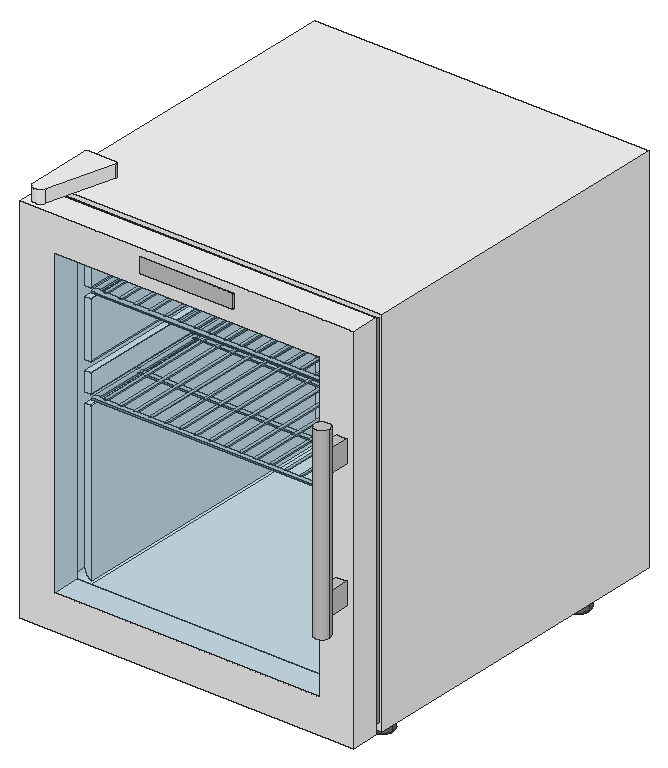
Revit family "Qf_Summit_SCR215L_Compact Beverage Center", category Specialty Equipment, Revit 2020
Family settings
  Round Connector Dimension = Use Diameter
  Part Type = Normal
  Work Plane-Based = No
  Always vertical = Yes
  Cut with Voids When Loaded = No
  Shared = No
  Room Calculation Point = No
Parameters
  Weight in Pounds = 55
  Watts = FL Amps * Volts  # 149.5 W
  Volts = 115 V
  URL Cutsheet = ""
  Specification by User = ""
  Specification by Manufacturer = ""
  Show RHD [instance] = yes
  Show LHD [instance] = not(Show RHD)  # no
  Show Clearance [instance] = yes
  Show Casters [instance] = yes
  Serial Number = ""
  Seismic Rating = ""
  SMACNA No = ""
  Revision Code = ""
  Refrigerant Volume = 0.00 kip
  Refrigerant Type = "R600a"
  Phase = 1
  Number of Poles = 1
  NAFEM Spec ID Number = ""
  Model = "SCR215L"
  Min Ckt Ampacity = 0 A
  Max Overcurrent Protection = 0 A
  Masterspec = ""
  Manufacturer = "Summit"
  Length = 17"
  Item Number = ""
  Installed By = ""
  Indirect Waste Size = 0"
  Indirect Waste Flow = 0 GPM
  Indirect Waste Connection Type = ""
  Identify Quantity as Lot = yes
  Height = 20 1/4"
  HP = ""
  Furnished By = ""
  Foodservice Equipment Identifier = yes
  FL Amps = 1.3 A
  Electrical Remarks = ""
  Electric Connection Type = ""
  Elec Conn RI Height = 0"
  Elec Conn Connection Height = 0"
  Description = "Compact Beverage Center"
  Depth = 18 3/4"
  Default Elevation = 0"
  Cycle = 60 Hz
  Conn Plug = ""
  Conn Conduit = yes
  CSI MasterFormat = ""
  Base Height [instance] = 1 1/4"
  Apparent Power = 828 VA
Reference planes (in)
  plane 1: z = 0
  plane 2 "LEFT": x = 0
  plane 3 "RIGHT": x = 17
  plane 4 "FRONT": y = -19.5
  plane 5 "TOP": z = 20.25
  plane 6 "Center Y": x = 8.5
  plane 7 "Center X": y = -10.125
  plane 8 "BACK": y = -0.75
  plane 9: y = -21.125
  plane 10: z = 1.25
  plane 11: x = 2.8125
  plane 12: x = 14.1875
  plane 13: y = -35.25
  plane 14: y = -17.75
  plane 15: y = -18.09959
  plane 16: z = 18.5
  plane 17: z = 20.875
Forms (in)
  Revolve 1, solid, material "QF_Plastic_Dark_Grey"
    sketch origin (0, -15.75, 0) x (1, 0, 0) y (0, 0, 1)
      loop
        line (1.5625, 1.25) -> (1.5625, 0) -> (2.07353, 0)
        arc (2.07353, 0) -> (2.10993, 0.01507) -> (2.125, 0.05147) r 0.05147
        line (2.125, 0.05147) -> (2.125, 1.0625) -> (1.75, 1.0625) -> (1.75, 1.25) -> (1.5625, 1.25)
      axis (1.5625, 0) -> (1.5625, 1.25)
    angle from 0 to 360
  Revolve 2, solid, material "QF_Plastic_Dark_Grey"
    sketch origin (17, -15.75, 0) x (-1, 0, 0) y (0, 0, 1)
      loop
        line (1.5625, 1.25) -> (1.5625, 0) -> (2.07353, 0)
        arc (2.07353, 0) -> (2.10993, 0.01507) -> (2.125, 0.05147) r 0.05147
        line (2.125, 0.05147) -> (2.125, 1.0625) -> (1.75, 1.0625) -> (1.75, 1.25) -> (1.5625, 1.25)
      axis (1.5625, 0) -> (1.5625, 1.25)
    angle from 0 to 360
  Revolve 3, solid, material "QF_Plastic_Dark_Grey"
    sketch origin (0, -3.25, 0) x (1, 0, 0) y (0, 0, 1)
      loop
        line (1.5625, 1.25) -> (1.5625, 0) -> (2.07353, 0)
        arc (2.07353, 0) -> (2.10993, 0.01507) -> (2.125, 0.05147) r 0.05147
        line (2.125, 0.05147) -> (2.125, 1.0625) -> (1.75, 1.0625) -> (1.75, 1.25) -> (1.5625, 1.25)
      axis (1.5625, 0) -> (1.5625, 1.25)
    angle from 0 to 360
  Revolve 4, solid, material "QF_Plastic_Dark_Grey"
    sketch origin (17, -3.25, 0) x (-1, 0, 0) y (0, 0, 1)
      loop
        line (1.5625, 1.25) -> (1.5625, 0) -> (2.07353, 0)
        arc (2.07353, 0) -> (2.10993, 0.01507) -> (2.125, 0.05147) r 0.05147
        line (2.125, 0.05147) -> (2.125, 1.0625) -> (1.75, 1.0625) -> (1.75, 1.25) -> (1.5625, 1.25)
      axis (1.5625, 0) -> (1.5625, 1.25)
    angle from 0 to 360
  Extrusion 5, solid, material "QF_Plastic_White_Smooth"
    sketch origin (0, 0, 0) x (1, 0, 0) y (0, 1, 0)
      loop
        line (0, -0.75) -> (0, -17.75) -> (17, -17.75) -> (17, -0.75) -> (0, -0.75)
    from 1.25 to 20.25
  Extrusion 6, solid, material "QF_Plastic_Gray"
    sketch origin (0, 0, 0) x (1, 0, 0) y (0, 1, 0)
      loop
        line (0.125, -17.75) -> (0.125, -18.09959) -> (16.875, -18.09959) -> (16.875, -17.75) -> (0.125, -17.75)
    from 1.60646 to 20.05681
  Extrusion 7, solid, material "QF_Plastic_White_Smooth", visible <- "Show LHD"
    sketch origin (0, 0, 0) x (1, 0, 0) y (0, 1, 0)
      loop
        arc (16.8125, -15.65041) -> (16.77589, -15.56202) -> (16.6875, -15.52541) r 0.125
        line (16.6875, -15.52541) -> (15.3125, -15.52541)
        arc (15.3125, -15.52541) -> (15.2122, -15.57581) -> (15.19278, -15.68637) r 0.125
        line (15.19278, -15.68637) -> (16.07835, -18.98287)
        arc (16.07835, -18.98287) -> (16.49202, -19.24602) -> (16.8125, -18.875) r 0.375
        line (16.8125, -18.875) -> (16.8125, -15.65041)
    from 20.25 to 20.875
  Sweep 8, solid, material "QF_Plastic_White_Smooth"
    path origin (0, -0.75, 0) x (1, 0, 0) y (0, 0, 1)
      loop
        line (0, 20.25) -> (0, 1.25) -> (17, 1.25) -> (17, 20.25) -> (0, 20.25)
    profile origin (8.5, -0.75, 20.25) x (0, 0, 1) y (0, -1, 0)
      loop
        line (0, 18.75) -> (-1.75, 18.75) -> (-1.75, 17.34959) -> (0, 17.34959) -> (0, 18.75)
  Extrusion 9, void
    sketch origin (0, -0.75, 0) x (1, 0, 0) y (0, 0, 1)
      loop
        line (15.25001, 18.87497) -> (1.74793, 18.87497)
        arc (1.74793, 18.87497) -> (1.3957, 18.72777) -> (1.24999, 18.37494) r 0.50004
        line (1.24999, 18.37494) -> (1.24999, 2.875)
        arc (1.24999, 2.875) -> (1.39643, 2.52145) -> (1.74999, 2.375) r 0.50001
        line (1.74999, 2.375) -> (15.24999, 2.375)
        arc (15.24999, 2.375) -> (15.60355, 2.52144) -> (15.74999, 2.875) r 0.5
        line (15.74999, 2.875) -> (15.74999, 18.37498)
        arc (15.74999, 18.37498) -> (15.60355, 18.72853) -> (15.25001, 18.87497) r 0.49998
    from 2 to 17.34959
  Extrusion 10, solid, material "Glass"
    sketch origin (1.75, -19.5, 18.5) x (1, 0, 0) y (0, 0, 1)
      loop
        line (0, 0) -> (0, -15.5) -> (13.5, -15.5) -> (13.5, 0) -> (0, 0)
    from 0 to -1.40041
  Extrusion 11, solid, material "QF_Metal_Stainless_Polished", visible <- "Show LHD"
    sketch origin (0, 0, 0) x (1, 0, 0) y (0, 1, 0)
      loop
        circle (0.625, -20.75) r 0.375
    from 6.75 to 16.25
  Extrusion 12, solid, material "QF_Metal_Stainless_Polished", visible <- "Show LHD"
    sketch origin (0, 0, 0) x (1, 0, 0) y (0, 1, 0)
      loop
        line (0.875, -19.5) -> (0.375, -19.5) -> (0.375, -20.47049)
        arc (0.375, -20.47049) -> (0.625, -20.375) -> (0.875, -20.47049) r 0.375
        line (0.875, -20.47049) -> (0.875, -19.5)
    from 14.09617 to 15.25
  Extrusion 13, solid, material "QF_Metal_Stainless_Polished", visible <- "Show LHD"
    sketch origin (0, 0, -6.5) x (1, 0, 0) y (0, 1, 0)
      loop
        line (0.875, -19.5) -> (0.375, -19.5) -> (0.375, -20.47049)
        arc (0.375, -20.47049) -> (0.625, -20.375) -> (0.875, -20.47049) r 0.375
        line (0.875, -20.47049) -> (0.875, -19.5)
    from 14.09617 to 15.25
  Blend 14, solid, material "QF_Metal_Stainless_Polished", visible <- "Show LHD"
    base sketch origin (1.75, -19.5, 18.5) x (1, 0, 0) y (0, 0, 1)
      loop
        circle (6.75, -16.125) r 0.5625
    top sketch origin (1.75, -19.5, 18.5) x (1, 0, 0) y (0, 0, 1)
      loop
        circle (6.75, -16.125) r 0.5
    from 0 to 0.15596
  Extrusion 15, void
    sketch origin (1.75, -19.65596, 18.5) x (-1, 0, 0) y (0, 0, 1)
      loop
        circle (-6.75, -16.125) r 0.1875
      loop
        circle (-6.75, -16.125) r 0.0625
    from 0.15213 to 0
  Extrusion 16, solid, material "QF_Metal - Stainless - Polished"
    sketch origin (1.75, -19.5, 18.5) x (1, 0, 0) y (0, 0, 1)
      loop
        arc (9.075, 0.625) -> (9.11036, 0.63964) -> (9.125, 0.675) r 0.05
        line (9.125, 0.675) -> (9.125, 1.325)
        arc (9.125, 1.325) -> (9.11036, 1.36036) -> (9.075, 1.375) r 0.05
        line (9.075, 1.375) -> (4.425, 1.375)
        arc (4.425, 1.375) -> (4.38964, 1.36036) -> (4.375, 1.325) r 0.05
        line (4.375, 1.325) -> (4.375, 0.675)
        arc (4.375, 0.675) -> (4.38964, 0.63964) -> (4.425, 0.625) r 0.05
        line (4.425, 0.625) -> (9.075, 0.625)
    from 0 to 0.03125
  Extrusion 17, solid, material "QF_Plastic_White_Smooth"
    sketch origin (1.75, -19.5, 18.5) x (1, 0, 0) y (0, 0, 1)
      loop
        line (13.99999, -3.25) -> (13.66042, -3.25)
        arc (13.66042, -3.25) -> (13.63832, -3.25915) -> (13.62917, -3.28125) r 0.03125
        line (13.62917, -3.28125) -> (13.62917, -6.09375)
        arc (13.62917, -6.09375) -> (13.63832, -6.11585) -> (13.66042, -6.125) r 0.03125
        line (13.66042, -6.125) -> (13.99999, -6.125) -> (13.99999, -3.25)
      loop
        line (13.99999, -2.75) -> (13.99999, -0.12502)
        arc (13.99999, -0.12502) -> (13.89659, 0.17946) -> (13.62917, 0.358) r 0.49998
        line (13.62917, 0.358) -> (13.62917, -2.71875)
        arc (13.62917, -2.71875) -> (13.63832, -2.74085) -> (13.66042, -2.75) r 0.03125
        line (13.66042, -2.75) -> (13.99999, -2.75)
      loop
        line (13.99999, -6.625) -> (13.66042, -6.625)
        arc (13.66042, -6.625) -> (13.63832, -6.63415) -> (13.62917, -6.65625) r 0.03125
        line (13.62917, -6.65625) -> (13.62917, -7.59375)
        arc (13.62917, -7.59375) -> (13.63832, -7.61585) -> (13.66042, -7.625) r 0.03125
        line (13.66042, -7.625) -> (13.99999, -7.625) -> (13.99999, -6.625)
      loop
        line (13.99999, -8.125) -> (13.66042, -8.125)
        arc (13.66042, -8.125) -> (13.63832, -8.13415) -> (13.62917, -8.15625) r 0.03125
        line (13.62917, -8.15625) -> (13.62917, -16.10803)
        arc (13.62917, -16.10803) -> (13.8966, -15.92948) -> (13.99999, -15.625) r 0.5
        line (13.99999, -15.625) -> (13.99999, -8.125)
      loop
        line (-0.49999, -3.25) -> (-0.49999, -6.125) -> (-0.16042, -6.125)
        arc (-0.16042, -6.125) -> (-0.13832, -6.11585) -> (-0.12917, -6.09375) r 0.03125
        line (-0.12917, -6.09375) -> (-0.12917, -3.28125)
        arc (-0.12917, -3.28125) -> (-0.13832, -3.25915) -> (-0.16042, -3.25) r 0.03125
        line (-0.16042, -3.25) -> (-0.49999, -3.25)
      loop
        line (-0.49999, -2.75) -> (-0.16042, -2.75)
        arc (-0.16042, -2.75) -> (-0.13832, -2.74085) -> (-0.12917, -2.71875) r 0.03125
        line (-0.12917, -2.71875) -> (-0.12917, 0.358)
        arc (-0.12917, 0.358) -> (-0.39659, 0.17946) -> (-0.49999, -0.12502) r 0.49998
        line (-0.49999, -0.12502) -> (-0.49999, -2.75)
      loop
        line (-0.49999, -6.625) -> (-0.49999, -7.625) -> (-0.16042, -7.625)
        arc (-0.16042, -7.625) -> (-0.13832, -7.61585) -> (-0.12917, -7.59375) r 0.03125
        line (-0.12917, -7.59375) -> (-0.12917, -6.65625)
        arc (-0.12917, -6.65625) -> (-0.13832, -6.63415) -> (-0.16042, -6.625) r 0.03125
        line (-0.16042, -6.625) -> (-0.49999, -6.625)
      loop
        line (-0.49999, -8.125) -> (-0.49999, -15.625)
        arc (-0.49999, -15.625) -> (-0.3966, -15.92948) -> (-0.12917, -16.10803) r 0.5
        line (-0.12917, -16.10803) -> (-0.12917, -8.15625)
        arc (-0.12917, -8.15625) -> (-0.13832, -8.13415) -> (-0.16042, -8.125) r 0.03125
        line (-0.16042, -8.125) -> (-0.49999, -8.125)
    from -16.75 to -2.52541
  Extrusion 18, solid, material "QF_Plastic_White_Smooth"
    sketch origin (-35.0625, -0.75, 0) x (1, 0, 0) y (0, 0, 1)
      loop
        circle (49, 2.03609) r 0.25
    from 0 to -0.20975
  Extrusion 19, solid, material "QF_Clearances_Door_Drawer", visible <- "Show LHD"
    sketch origin (0, 0, 0) x (1, 0, 0) y (0, 1, 0)
      loop
        arc (0, -19.5) -> (5.40041, -30.72057) -> (17, -35.24994) r 17
        line (17, -35.24994) -> (17, -19.5) -> (0, -19.5)
    from 1.25 to 20.25
  Extrusion 20, solid, material "QF_Metal_Stainless_Polished", visible <- "Show RHD"
    sketch origin (17, 0, 0) x (-1, 0, 0) y (0, -1, 0)
      loop
        line (0.875, 19.5) -> (0.875, 20.47049)
        arc (0.875, 20.47049) -> (0.625, 20.375) -> (0.375, 20.47049) r 0.375
        line (0.375, 20.47049) -> (0.375, 19.5) -> (0.875, 19.5)
    from 14.09617 to 15.25
  Extrusion 21, solid, material "QF_Metal_Stainless_Polished", visible <- "Show RHD"
    sketch origin (17, 0, -6.5) x (-1, 0, 0) y (0, -1, 0)
      loop
        line (0.875, 19.5) -> (0.875, 20.47049)
        arc (0.875, 20.47049) -> (0.625, 20.375) -> (0.375, 20.47049) r 0.375
        line (0.375, 20.47049) -> (0.375, 19.5) -> (0.875, 19.5)
    from 14.09617 to 15.25
  Extrusion 22, solid, material "QF_Plastic_White_Smooth", visible <- "Show RHD"
    sketch origin (17, 0, 0) x (-1, 0, 0) y (0, -1, 0)
      loop
        line (16.8125, 15.65041) -> (16.8125, 18.875)
        arc (16.8125, 18.875) -> (16.49202, 19.24602) -> (16.07835, 18.98287) r 0.375
        line (16.07835, 18.98287) -> (15.19278, 15.68637)
        arc (15.19278, 15.68637) -> (15.2122, 15.57581) -> (15.3125, 15.52541) r 0.125
        line (15.3125, 15.52541) -> (16.6875, 15.52541)
        arc (16.6875, 15.52541) -> (16.77589, 15.56202) -> (16.8125, 15.65041) r 0.125
    from 20.25 to 20.875
  Extrusion 23, solid, material "QF_Metal_Stainless_Polished", visible <- "Show RHD"
    sketch origin (17, 0, 0) x (-1, 0, 0) y (0, -1, 0)
      loop
        circle (0.625, 20.75) r 0.375
    from 6.75 to 16.25
Cuts and joins
  Extrusion 9 cuts Extrusion 5
  joined: Extrusion 5, Extrusion 18
  Extrusion 15 cuts Sweep 8
  Extrusion 15 cuts Blend 14
  joined: Extrusion 11, Blend 14
  Extrusion 9 cuts Extrusion 6
  joined: Extrusion 12, Extrusion 13
Lines and regions (in)
  Split face 1
    outline origin (1.75, -19.53125, 18.5) x (1, 0, 0) y (0, 0, 1)
      loop
        line (4.4375, 1.2825) -> (4.4375, 0.7175)
        arc (4.4375, 0.7175) -> (4.44629, 0.69629) -> (4.4675, 0.6875) r 0.03
        line (4.4675, 0.6875) -> (9.0325, 0.6875)
        arc (9.0325, 0.6875) -> (9.05371, 0.69629) -> (9.0625, 0.7175) r 0.03
        line (9.0625, 0.7175) -> (9.0625, 1.2825)
        arc (9.0625, 1.2825) -> (9.05371, 1.30371) -> (9.0325, 1.3125) r 0.03
        line (9.0325, 1.3125) -> (4.4675, 1.3125)
        arc (4.4675, 1.3125) -> (4.44629, 1.30371) -> (4.4375, 1.2825) r 0.03
  Split face 2
    outline origin (1.75, -19.53125, 18.5) x (1, 0, 0) y (0, 0, 1)
      loop
        line (5.25, 0.75) -> (6, 0.75) -> (6, 1.25) -> (5.25, 1.25) -> (5.25, 0.75)
  Split face 3
    outline origin (1.75, -19.53125, 18.5) x (1, 0, 0) y (0, 0, 1)
      loop
        arc (6.60938, 0.95312) -> (6.53125, 0.875) -> (6.60938, 0.79687) r 0.07813
        line (6.60938, 0.79687) -> (6.89063, 0.79687)
        arc (6.89063, 0.79687) -> (6.96875, 0.875) -> (6.89063, 0.95312) r 0.07813
        line (6.89063, 0.95312) -> (6.60938, 0.95312)
  Split face 4
    outline origin (2.625, -19.53125, 18.5) x (1, 0, 0) y (0, 0, 1)
      loop
        arc (6.60938, 0.95312) -> (6.53125, 0.875) -> (6.60938, 0.79687) r 0.07813
        line (6.60938, 0.79687) -> (6.89063, 0.79687)
        arc (6.89063, 0.79687) -> (6.96875, 0.875) -> (6.89063, 0.95312) r 0.07813
        line (6.89063, 0.95312) -> (6.60938, 0.95312)
  Split face 5
    outline origin (3.5, -19.53125, 18.5) x (1, 0, 0) y (0, 0, 1)
      loop
        arc (6.60938, 0.95312) -> (6.53125, 0.875) -> (6.60938, 0.79687) r 0.07813
        line (6.60938, 0.79687) -> (6.89063, 0.79687)
        arc (6.89063, 0.79687) -> (6.96875, 0.875) -> (6.89063, 0.95312) r 0.07813
        line (6.89063, 0.95312) -> (6.60938, 0.95312)
  symbolic lines
    curve 1: line (0, -0.75, 0) -> (0, -17.75, 0)
    curve 3: line (17, -17.75, 0) -> (17, -0.75, 0)
    curve 4: line (17, -0.75, 0) -> (0, -0.75, 0)
    curve 12: line (16.875, -18.09959, 0) -> (16.875, -17.75, 0)
    curve 13: line (17, -18.09959, 0) -> (16.8125, -18.09959, 0)
    curve 14: line (0, -18.09959, 0) -> (0, -19.5, 0)
    curve 15: line (0, -19.5, 0) -> (17, -19.5, 0)
    curve 16: line (17, -19.5, 0) -> (17, -18.09959, 0)
    curve 17: line (16.8125, -17.75, 0) -> (17, -17.75, 0)
  symbolic lines, visible <- "Show LHD"
    curve 2: line (0, -17.75, 0) -> (15.74715, -17.75, 0)
    curve 5: line (0.125, -17.75, 0) -> (0.125, -18.09959, 0)
    curve 6: line (15.19278, -15.68637, 0) -> (16.07835, -18.98287, 0)
    curve 7: arc (16.07835, -18.98287, 0) -> (16.49202, -19.24602, 0) -> (16.8125, -18.875, 0) r 0.375
    curve 8: line (16.8125, -18.875, 0) -> (16.8125, -15.65041, 0)
    curve 9: arc (16.8125, -15.65041, 0) -> (16.77589, -15.56202, 0) -> (16.6875, -15.52541, 0) r 0.125
    curve 10: line (16.6875, -15.52541, 0) -> (15.3125, -15.52541, 0)
    curve 11: arc (15.3125, -15.52541, 0) -> (15.2122, -15.57581, 0) -> (15.19278, -15.68637, 0) r 0.125
    curve 18: line (15.84107, -18.09959, 0) -> (0, -18.09959, 0)
    curve 19: line (0.875, -20.47049, 0) -> (0.875, -19.5, 0)
    curve 20: line (0.375, -19.5, 0) -> (0.375, -20.47049, 0)
    curve 21: circle (0.625, -20.75, 0) r 0.375 normal (0, 0, 1)
  symbolic lines, style "QF_Clearances_Door_Drawer", visible <- "Show LHD"
    curve 22: arc (0, -19.5, 0) -> (0.87753, -23.777, 0) -> (2.81548, -27.68943, 0) r 17
    curve 23: line (2.81548, -27.68943, 0) -> (17, -19.5, 0)
  symbolic lines, visible <- "Show RHD"
    curve 24: line (1.80722, -15.68637, 0) -> (0.92165, -18.98287, 0)
    curve 25: arc (0.92165, -18.98287, 0) -> (0.50798, -19.24602, 0) -> (0.1875, -18.875, 0) r 0.375
    curve 26: line (0.1875, -18.875, 0) -> (0.1875, -15.65041, 0)
    curve 27: arc (0.1875, -15.65041, 0) -> (0.22411, -15.56202, 0) -> (0.3125, -15.52541, 0) r 0.125
    curve 28: line (0.3125, -15.52541, 0) -> (1.6875, -15.52541, 0)
    curve 29: arc (1.6875, -15.52541, 0) -> (1.7878, -15.57581, 0) -> (1.80722, -15.68637, 0) r 0.125
    curve 30: line (16.125, -20.47049, 0) -> (16.125, -19.5, 0)
    curve 31: line (16.625, -19.5, 0) -> (16.625, -20.47049, 0)
    curve 32: circle (16.375, -20.75, 0) r 0.375 normal (0, 0, -1)
    curve 35: line (17, -17.75, 0) -> (1.25285, -17.75, 0)
    curve 36: line (16.875, -17.75, 0) -> (16.875, -18.09959, 0)
    curve 37: line (1.15893, -18.09959, 0) -> (17, -18.09959, 0)
  symbolic lines, style "QF_Clearances_Door_Drawer", visible <- "Show RHD"
    curve 33: arc (17, -19.5, 0) -> (16.12247, -23.777, 0) -> (14.18452, -27.68943, 0) r 17
    curve 34: line (14.18452, -27.68943, 0) -> (0, -19.5, 0)
Dimensions and locks (in)
  equal spacing: plane 2 "LEFT", plane 6 "Center Y", plane 3 "RIGHT"
  "Length": plane 2 "LEFT" to plane 3 "RIGHT"
  equal spacing: plane 4 "FRONT", plane 7 "Center X", plane 8 "BACK"
  "Height": plane 5 "TOP" to level
  plane 3 "RIGHT" to plane 2 "LEFT" = 17"
  plane 5 "TOP" to level = 20 1/4"  (x2)
  "Depth": plane 4 "FRONT" to plane 8 "BACK"
  plane 9 to plane 4 "FRONT" = 1 5/8"
  "Base Height": plane 10 to level
  locked: plane 11 to plane 2 "LEFT" at 2.8125
  locked: plane 12 to plane 3 "RIGHT" at 2.8125
  plane 8 "BACK" to plane 13 = 34 1/2"
  plane 17 to plane 5 "TOP" = 5/8"
  plane 14 to plane 8 "BACK" = 17"
  aligned and locked: level to plane 1
  aligned and locked: cut or joined group of Extrusion 11, Blend 14, Extrusion 15 to Extrusion 15
  aligned and locked: Extrusion 7 to plane 5 "TOP"
  aligned and locked: plane 5 "TOP" to Extrusion 19
  aligned and locked: plane 10 to Extrusion 19
Automatic sketch dimensions
  curve 1 to plane 2 "LEFT" = 0"
  curve 34 to plane 2 "LEFT" = 0"
  plane 15 to curve 5 = 0"
  plane 14 to curve 5 = 0"
  plane 4 "FRONT" to curve 20 = 0"
  plane 15 to curve 37 = 0"
  plane 14 to curve 35 = 0"
  curve 3 to plane 3 "RIGHT" = 0"
  curve 33 to plane 3 "RIGHT" = 0"
  plane 8 "BACK" to curve 4 = 0"
  plane 2 "LEFT" to curve 33 = 0.04602"
  plane 2 "LEFT" to curve 26 = 3/16"
  curve 27 to curve 27 = 1/8"
  curve 26 to curve 25 = 3/8"
  plane 2 "LEFT" to curve 21 = 5/8"
  curve 24 to plane 4 "FRONT" = 0.51713"
  curve 25 to curve 24 = 0.35915"
  curve 28 to plane 11 = 1 1/8"
  curve 29 to curve 24 = 0.11972"
  plane 11 to curve 23 = 0.00298"
  plane 12 to curve 34 = 0.00298"
  curve 6 to plane 12 = 1.00528"
  curve 6 to curve 10 = 0.11972"
  plane 3 "RIGHT" to curve 6 = 0.92165"
  plane 3 "RIGHT" to curve 32 = 5/8"
  curve 6 to curve 7 = 0.35915"
  plane 3 "RIGHT" to curve 9 = 5/16"
  curve 9 to curve 8 = 1/8"
  plane 3 "RIGHT" to curve 22 = 0.04602"
  curve 21 to plane 9 = 3/8"
  curve 32 to plane 9 = 3/8"
  curve 34 to curve 32 = 6.93943"
  curve 23 to curve 21 = 6.93943"
  curve 6 to plane 4 "FRONT" = 0.51713"
  curve 24 to plane 14 = 2.06363"
  curve 6 to plane 14 = 2.06363"
  curve 24 to curve 29 = 0.03596"
  curve 6 to curve 11 = 0.03596"
  plane 2 "LEFT" to curve 5 = 1/8"
  plane 2 "LEFT" to curve 20 = 3/8"
  curve 21 to curve 19 = 1/4"
  curve 6 to curve 30 = 0.04665"
  curve 32 to curve 31 = 1/4"
  curve 13 to curve 12 = 1/16"
  curve 36 to curve 12 = 0"
  curve 32 to curve 30 = 0.27951"
  curve 21 to curve 20 = 0.27951"
  Revolve 1 sketch curve to plane 10 = 0"  (x2)
  Revolve 1 sketch curve to level = 0"
  Revolve 1 sketch curve to plane 11 = 1 1/4"
  Revolve 1 sketch curve to Revolve 1 sketch curve = 3/16"
  level to Revolve 1 sketch curve = 0.05147"
  Revolve 1 sketch curve to Revolve 1 sketch curve = 0.51103"
  plane 10 to Revolve 1 sketch curve = 3/16"
  Revolve 1 sketch curve to Revolve 1 sketch curve = 0"
  Revolve 1 sketch curve to Revolve 1 sketch curve = 0.18292"
  Revolve 2 sketch curve to plane 10 = 0"  (x2)
  Revolve 2 sketch curve to level = 0"
  plane 12 to Revolve 2 sketch curve = 1 1/4"
  Revolve 2 sketch curve to Revolve 2 sketch curve = 3/16"
  Revolve 2 sketch curve to level = 0.05147"
  Revolve 2 sketch curve to Revolve 2 sketch curve = 0.51103"
  Revolve 2 sketch curve to plane 10 = 3/16"
  Revolve 2 sketch curve to Revolve 2 sketch curve = 0"
  Revolve 2 sketch curve to Revolve 2 sketch curve = 0.18292"
  Revolve 3 sketch curve to plane 10 = 0"  (x2)
  Revolve 3 sketch curve to level = 0"
  Revolve 3 sketch curve to plane 11 = 1 1/4"
  Revolve 3 sketch curve to Revolve 3 sketch curve = 3/16"
  level to Revolve 3 sketch curve = 0.05147"
  Revolve 3 sketch curve to Revolve 3 sketch curve = 0.51103"
  plane 10 to Revolve 3 sketch curve = 3/16"
  Revolve 3 sketch curve to Revolve 3 sketch curve = 0"
  Revolve 3 sketch curve to Revolve 3 sketch curve = 0.18292"
  Revolve 4 sketch curve to plane 10 = 0"  (x2)
  Revolve 4 sketch curve to level = 0"
  plane 12 to Revolve 4 sketch curve = 1 1/4"
  Revolve 4 sketch curve to Revolve 4 sketch curve = 3/16"
  Revolve 4 sketch curve to level = 0.05147"
  Revolve 4 sketch curve to Revolve 4 sketch curve = 0.51103"
  Revolve 4 sketch curve to plane 10 = 3/16"
  Revolve 4 sketch curve to Revolve 4 sketch curve = 0"
  Revolve 4 sketch curve to Revolve 4 sketch curve = 0.18292"
  Extrusion 5 sketch curve to plane 2 "LEFT" = 0"
  Extrusion 5 sketch curve to plane 3 "RIGHT" = 0"
  plane 14 to Extrusion 5 sketch curve = 0"
  plane 8 "BACK" to Extrusion 5 sketch curve = 0"
  plane 15 to Extrusion 6 sketch curve = 0"
  plane 14 to Extrusion 6 sketch curve = 0"
  plane 2 "LEFT" to Extrusion 6 sketch curve = 1/8"
  plane 3 "RIGHT" to Extrusion 6 sketch curve = 1/8"
  Extrusion 7 sketch curve to plane 12 = 1.00528"
  Extrusion 7 sketch curve to Extrusion 7 sketch curve = 0.11972"
  plane 3 "RIGHT" to Extrusion 7 sketch curve = 0.92165"
  Extrusion 7 sketch curve to Extrusion 7 sketch curve = 0.35915"
  plane 3 "RIGHT" to Extrusion 7 sketch curve = 5/16"
  plane 3 "RIGHT" to Extrusion 7 sketch curve = 3/16"
  Extrusion 7 sketch curve to plane 4 "FRONT" = 0.51713"
  Extrusion 7 sketch curve to plane 14 = 2.06363"
  Extrusion 7 sketch curve to Extrusion 7 sketch curve = 0.03596"
  Sweep 8 sketch curve to plane 2 "LEFT" = 0"
  plane 3 "RIGHT" to Sweep 8 sketch curve = 0"
  Sweep 8 sketch curve to plane 10 = 0"
  Sweep 8 sketch curve to plane 5 "TOP" = 0"
  Sweep 8 sketch curve to plane 16 = 0"
  profile plane to Sweep 8 sketch curve = 0"
  plane 8 "BACK" to Sweep 8 sketch curve = 17.34959"
  Sweep 8 sketch curve to Sweep 8 sketch curve = 1.40041"
  plane 2 "LEFT" to Extrusion 9 sketch curve = 1 1/4"
  Extrusion 9 sketch curve to Extrusion 9 sketch curve = 0.49794"
  Extrusion 9 sketch curve to Extrusion 9 sketch curve = 1/2"  (x2)
  Extrusion 9 sketch curve to Extrusion 9 sketch curve = 0.50004"
  Extrusion 9 sketch curve to plane 12 = 1 1/16"  (x2)
  Extrusion 9 sketch curve to plane 10 = 1 1/8"
  Extrusion 9 sketch curve to plane 5 "TOP" = 1.87506"
  Extrusion 10 sketch curve to Sweep 8 = 0"  (x4)
  plane 4 "FRONT" to Extrusion 12 sketch curve = 0"
  plane 2 "LEFT" to Extrusion 12 sketch curve = 3/8"
  Extrusion 12 sketch curve to Extrusion 12 sketch curve = 1/4"
  Extrusion 12 sketch curve to Extrusion 12 sketch curve = 1/2"
  Extrusion 12 sketch curve to plane 9 = 0.65451"
  Extrusion 12 sketch curve to Extrusion 12 sketch curve = 0.27951"
  plane 4 "FRONT" to Extrusion 13 sketch curve = 0"
  plane 2 "LEFT" to Extrusion 13 sketch curve = 3/8"
  Extrusion 13 sketch curve to Extrusion 13 sketch curve = 1/4"
  Extrusion 13 sketch curve to Extrusion 13 sketch curve = 1/2"
  Extrusion 13 sketch curve to plane 9 = 0.65451"
  Extrusion 13 sketch curve to Extrusion 13 sketch curve = 0.27951"
  Sweep 8 to Blend 14 sketch curve = 5/8"  (x2)
  Blend 14 sketch curve to Sweep 8 = 6 3/4"  (x2)
  Sweep 8 to Extrusion 16 sketch curve = 0.675"
  Extrusion 16 sketch curve to Sweep 8 = 4 3/8"
  Extrusion 16 sketch curve to Extrusion 16 sketch curve = 0.05"  (x3)
  Extrusion 16 sketch curve to Sweep 8 = 4.425"
  Extrusion 16 sketch curve to Sweep 8 = 3/8"
  Extrusion 16 sketch curve to Extrusion 16 sketch curve = 0"
  Split face 1 sketch curve to Extrusion 16 = 1/16"  (x2)
  Split face 1 sketch curve to Split face 1 sketch curve = 0.03"  (x3)
  Split face 1 sketch curve to Extrusion 16 = 0.0925"  (x3)
  Split face 2 sketch curve to Extrusion 16 = 1/8"  (x2)
  Split face 2 sketch curve to Extrusion 16 = 7/8"
  Split face 2 sketch curve to Split face 2 sketch curve = 3/4"
  Split face 3 sketch curve to Extrusion 16 = 1/4"
  Split face 3 sketch curve to Extrusion 16 = 2 15/64"
  Split face 3 sketch curve to Split face 3 sketch curve = 9/32"
  Split face 3 sketch curve to Split face 3 sketch curve = 5/64"
  Split face 4 sketch curve to Extrusion 16 = 1/4"
  Split face 4 sketch curve to Extrusion 16 = 1 41/64"
  Split face 4 sketch curve to Split face 4 sketch curve = 9/32"
  Split face 4 sketch curve to Split face 4 sketch curve = 5/64"
  Split face 5 sketch curve to Extrusion 16 = 1/4"
  Split face 5 sketch curve to Extrusion 16 = 49/64"
  Split face 5 sketch curve to Split face 5 sketch curve = 9/32"
  Split face 5 sketch curve to Split face 5 sketch curve = 5/64"
  Sweep 8 to Extrusion 17 sketch curve = 1/2"  (x4)
  Extrusion 17 sketch curve to Sweep 8 = 1/8"  (x2)
  Sweep 8 to Extrusion 17 sketch curve = 0.16042"  (x6)
  Extrusion 17 sketch curve to Extrusion 17 sketch curve = 1/32"  (x9)
  Sweep 8 to Extrusion 17 sketch curve = 0.12917"  (x5)
  Sweep 8 to Extrusion 17 sketch curve = 0"  (x2)
  Extrusion 17 sketch curve to Sweep 8 = 0"  (x2)
  Extrusion 17 sketch curve to Extrusion 17 sketch curve = 0.33958"  (x4)
  Extrusion 17 sketch curve to Sweep 8 = 2 23/32"
  Extrusion 17 sketch curve to Extrusion 17 sketch curve = 2 19/32"
  Extrusion 17 sketch curve to Extrusion 17 sketch curve = 1/2"  (x6)
  Extrusion 17 sketch curve to Extrusion 17 sketch curve = 2 13/16"  (x2)
  Extrusion 17 sketch curve to Extrusion 17 sketch curve = 15/16"  (x2)
  Sweep 8 to Extrusion 17 sketch curve = 1/8"  (x2)
  plane 12 to Extrusion 18 sketch curve = 1/4"
  Extrusion 18 sketch curve to plane 10 = 0.78609"
  Extrusion 19 sketch curve to plane 2 "LEFT" = 0"
  Extrusion 19 sketch curve to plane 3 "RIGHT" = 0"
  plane 4 "FRONT" to Extrusion 19 sketch curve = 0"
  plane 3 "RIGHT" to Extrusion 19 sketch curve = 0.04602"
  plane 13 to Extrusion 19 sketch curve = 0.00006"
  plane 4 "FRONT" to Extrusion 20 sketch curve = 0"
  Extrusion 20 sketch curve to plane 3 "RIGHT" = 3/8"
  Extrusion 20 sketch curve to Extrusion 20 sketch curve = 1/4"
  Extrusion 20 sketch curve to Extrusion 20 sketch curve = 1/2"
  plane 9 to Extrusion 20 sketch curve = 0.65451"
  Extrusion 20 sketch curve to Extrusion 20 sketch curve = 0.27951"
  plane 4 "FRONT" to Extrusion 21 sketch curve = 0"
  plane 3 "RIGHT" to Extrusion 21 sketch curve = 3/8"
  Extrusion 21 sketch curve to Extrusion 21 sketch curve = 1/4"
  Extrusion 21 sketch curve to Extrusion 21 sketch curve = 1/2"
  Extrusion 21 sketch curve to plane 9 = 0.65451"
  Extrusion 21 sketch curve to Extrusion 21 sketch curve = 0.27951"
  plane 11 to Extrusion 22 sketch curve = 1.00528"
  Extrusion 22 sketch curve to Extrusion 22 sketch curve = 0.11972"
  Extrusion 22 sketch curve to plane 2 "LEFT" = 0.92165"
  Extrusion 22 sketch curve to Extrusion 22 sketch curve = 0.35915"
  Extrusion 22 sketch curve to plane 2 "LEFT" = 5/16"
  Extrusion 22 sketch curve to plane 2 "LEFT" = 3/16"
  plane 4 "FRONT" to Extrusion 22 sketch curve = 0.51713"
  plane 14 to Extrusion 22 sketch curve = 2.06363"
  Extrusion 22 sketch curve to Extrusion 22 sketch curve = 0.03596"
  Extrusion 23 sketch curve to plane 3 "RIGHT" = 5/8"
  plane 9 to Extrusion 23 sketch curve = 3/8"
  radius of Blend 14 sketch curve = 9/16"
  radius of Blend 14 sketch curve = 1/2"
  radius of Extrusion 15 sketch curve to Blend 14 = 5/16"
  radius of Extrusion 15 sketch curve to Blend 14 = 7/16"
  radius of Extrusion 18 sketch curve = 1/4"
  radius of Extrusion 23 sketch curve = 3/8"
Nested families (in)
  nested 1: "SCR215L_Shelf" at (1.37708, -2.23473, 10.48134), type "SCR215L_Shelf"
    with Show Logo yes
  nested 2: "SCR215L_Shelf" at (1.37708, -2.23473, 15.35634), type "SCR215L_Shelf"
    with Show Logo yes
Connectors (in)
  electrical at (13.9375, -0.54025, 2.03609), driven by "Volts", driven by "Apparent Power"
    settings: on cut or joined group of Extrusion 5, Extrusion 9, Extrusion 18, index 1, voltage 115 V, apparent load 828 VA, apparent load phase1 0 VA, apparent load phase2 0 VA, apparent load phase3 0 VA, power factor 1, load classification "Other", number of poles 1, system type 30, power factor state 1, is connector primary yes, connector utility no, sub classification motor no, connector description "Electrical inlet"
Definition of nested family "SCR215L_Shelf"
  Parameters (values of type "SCR215L_Shelf")
    Show Logo [instance] = yes
    Lenght = 14 1/4"
    Height = 13.12527"
    Depth = 13"
    Default Elevation = 0"
  Reference planes (in)
    plane 1 "Center (Front/Back)": y = -1.42673
    plane 2: z = 0
    plane 3 "Center (Left/Right)": x = 0
    plane 4: x = 14.25
    plane 5: y = -14.42673
    plane 6: y = -7.92673
    plane 7: x = 7.125
    plane 8 "Top": z = 13.12527
  Forms (in)
    Extrusion 1, solid
      sketch origin (13.04944, -1.42673, 0) x (1, 0, 0) y (0, 0, 1)
        loop
          circle (0.51064, 0.05583) r 0.06355
      from 0.13142 to 12.8862
    Sweep 2, solid
      path origin (0, 0, 0) x (1, 0, 0) y (0, 1, 0)
        loop
          line (0, -1.42673) -> (0, -14.42673) -> (14.25, -14.42673) -> (14.25, -1.42673) -> (0, -1.42673)
      profile origin (7.125, -1.42673, 0) x (0, 1, 0) y (0, 0, 1)
        loop
          circle (-0.103, 0) r 0.103
    Extrusion 3, solid
      sketch origin (0, 0, 0) x (0, 1, 0) y (0, 0, 1)
        loop
          circle (-11.52194, 0) r 0.08866
        loop
          circle (-7.92673, 0) r 0.08866
        loop
          circle (-4.33151, 0) r 0.08866
      from 0 to 14.25
    Extrusion 4, solid
      sketch origin (0.04944, -1.42673, 0) x (1, 0, 0) y (0, 0, 1)
        loop
          circle (0.51064, 0.05583) r 0.06355
      from 0.13142 to 12.8862
    Extrusion 5, solid
      sketch origin (12.28473, -1.42673, 0) x (1, 0, 0) y (0, 0, 1)
        loop
          circle (0.51064, 0.05583) r 0.06355
      from 0.13142 to 12.8862
    Extrusion 6, solid
      sketch origin (11.52003, -1.42673, 0) x (1, 0, 0) y (0, 0, 1)
        loop
          circle (0.51064, 0.05583) r 0.06355
      from 0.13142 to 12.8862
    Extrusion 7, solid
      sketch origin (10.75532, -1.42673, 0) x (1, 0, 0) y (0, 0, 1)
        loop
          circle (0.51064, 0.05583) r 0.06355
      from 0.13142 to 12.8862
    Extrusion 8, solid
      sketch origin (9.99061, -1.42673, 0) x (1, 0, 0) y (0, 0, 1)
        loop
          circle (0.51064, 0.05583) r 0.06355
      from 0.13142 to 12.8862
    Extrusion 9, solid
      sketch origin (9.22591, -1.42673, 0) x (1, 0, 0) y (0, 0, 1)
        loop
          circle (0.51064, 0.05583) r 0.06355
      from 0.13142 to 12.8862
    Extrusion 10, solid
      sketch origin (8.4612, -1.42673, 0) x (1, 0, 0) y (0, 0, 1)
        loop
          circle (0.51064, 0.05583) r 0.06355
      from 0.13142 to 12.8862
    Extrusion 11, solid
      sketch origin (7.6965, -1.42673, 0) x (1, 0, 0) y (0, 0, 1)
        loop
          circle (0.51064, 0.05583) r 0.06355
      from 0.13142 to 12.8862
    Extrusion 12, solid
      sketch origin (6.93179, -1.42673, 0) x (1, 0, 0) y (0, 0, 1)
        loop
          circle (0.51064, 0.05583) r 0.06355
      from 0.13142 to 12.8862
    Extrusion 13, solid
      sketch origin (6.16709, -1.42673, 0) x (1, 0, 0) y (0, 0, 1)
        loop
          circle (0.51064, 0.05583) r 0.06355
      from 0.13142 to 12.8862
    Extrusion 14, solid
      sketch origin (5.40238, -1.42673, 0) x (1, 0, 0) y (0, 0, 1)
        loop
          circle (0.51064, 0.05583) r 0.06355
      from 0.13142 to 12.8862
    Extrusion 15, solid
      sketch origin (4.63767, -1.42673, 0) x (1, 0, 0) y (0, 0, 1)
        loop
          circle (0.51064, 0.05583) r 0.06355
      from 0.13142 to 12.8862
    Extrusion 16, solid
      sketch origin (3.87297, -1.42673, 0) x (1, 0, 0) y (0, 0, 1)
        loop
          circle (0.51064, 0.05583) r 0.06355
      from 0.13142 to 12.8862
    Extrusion 17, solid
      sketch origin (3.10826, -1.42673, 0) x (1, 0, 0) y (0, 0, 1)
        loop
          circle (0.51064, 0.05583) r 0.06355
      from 0.13142 to 12.8862
    Extrusion 18, solid
      sketch origin (2.34356, -1.42673, 0) x (1, 0, 0) y (0, 0, 1)
        loop
          circle (0.51064, 0.05583) r 0.06355
      from 0.13142 to 12.8862
    Extrusion 19, solid
      sketch origin (1.57885, -1.42673, 0) x (1, 0, 0) y (0, 0, 1)
        loop
          circle (0.51064, 0.05583) r 0.06355
      from 0.13142 to 12.8862
    Extrusion 20, solid
      sketch origin (0.81414, -1.42673, 0) x (1, 0, 0) y (0, 0, 1)
        loop
          circle (0.51064, 0.05583) r 0.06355
      from 0.13142 to 12.8862
    Sweep 21, solid
      path origin (0, -1.42673, 0) x (1, 0, 0) y (0, 0, 1)
        loop
          line (12.09696, 0) -> (12.09696, 0.72385)
          arc (12.09696, 0.72385) -> (12.03634, 0.87021) -> (11.88998, 0.93083) r 0.20698
          line (11.88998, 0.93083) -> (2.36002, 0.93083)
          arc (2.36002, 0.93083) -> (2.21366, 0.87021) -> (2.15304, 0.72385) r 0.20698
          line (2.15304, 0.72385) -> (2.15304, 0)
      profile origin (2.15304, -1.42673, 0.36193) x (0, -1, 0) y (1, 0, 0)
        loop
          circle (0.10547, 0) r 0.0783
  Cuts and joins
    joined: Sweep 2, Sweep 21
  Dimensions and locks (in)
    plane 4 to plane 3 "Center (Left/Right)" = 14 1/4"
    equal spacing: plane 3 "Center (Left/Right)", plane 7, plane 4
    "Lenght": plane 3 "Center (Left/Right)" to plane 4
    equal spacing: plane 5, plane 6, plane 1 "Center (Front/Back)"
    "Depth": plane 5 to plane 1 "Center (Front/Back)"
    "Height": plane 8 "Top" to level
    equal spacing: group 2, group 18, group 17, group 16, group 15, group 14, group 13, group 12, group 11, group 10, group 9, group 8, group 7, group 6, group 5, group 4, group 3, group 1
    equal spacing: group 1, group 3, group 4, group 5, group 6, group 7, group 8, group 9, group 10, group 11, group 12, group 13, group 14, group 15, group 16, group 17, group 18, group 2  (x2)
    aligned and locked: level to plane 2
  Automatic sketch dimensions
    Sweep 2 sketch curve to plane 3 "Center (Left/Right)" = 0"
    Sweep 2 sketch curve to plane 4 = 0"
    Sweep 2 sketch curve to plane 5 = 0"
    plane 1 "Center (Front/Back)" to Sweep 2 sketch curve = 0"
    Sweep 2 sketch curve to profile plane = 0"
    profile plane to Sweep 2 sketch curve = 0.103"
    Extrusion 3 sketch curve to level = 0"  (x3)
    Extrusion 3 sketch curve to plane 6 = 0"
    plane 5 to Extrusion 3 sketch curve = 2.90479"
    plane 1 "Center (Front/Back)" to Extrusion 3 sketch curve = 2.90479"
    Sweep 21 sketch curve to level = 0"  (x2)
    level to Sweep 21 sketch curve = 0.72385"
    plane 3 "Center (Left/Right)" to Sweep 21 sketch curve = 2.15304"
    Sweep 21 sketch curve to Sweep 21 sketch curve = 0.20698"  (x2)
    Sweep 21 sketch curve to plane 4 = 2.36002"
    Sweep 21 sketch curve to profile plane = 0"
    plane 1 "Center (Front/Back)" to Sweep 21 sketch curve = 27/256"
    radius of Extrusion 1 sketch curve = 0.06355"
    radius of Sweep 2 sketch curve = 0.103"
    radius of Extrusion 3 sketch curve = 0.08866"  (x3)
    radius of Extrusion 4 sketch curve = 0.06355"
    radius of Extrusion 5 sketch curve = 0.06355"
    radius of Extrusion 6 sketch curve = 0.06355"
    radius of Extrusion 7 sketch curve = 0.06355"
    radius of Extrusion 8 sketch curve = 0.06355"
    radius of Extrusion 9 sketch curve = 0.06355"
    radius of Extrusion 10 sketch curve = 0.06355"
    radius of Extrusion 11 sketch curve = 0.06355"
    radius of Extrusion 12 sketch curve = 0.06355"
    radius of Extrusion 13 sketch curve = 0.06355"
    radius of Extrusion 14 sketch curve = 0.06355"
    radius of Extrusion 15 sketch curve = 0.06355"
    radius of Extrusion 16 sketch curve = 0.06355"
    radius of Extrusion 17 sketch curve = 0.06355"
    radius of Extrusion 18 sketch curve = 0.06355"
    radius of Extrusion 19 sketch curve = 0.06355"
    radius of Extrusion 20 sketch curve = 0.06355"
    radius of Sweep 21 sketch curve = 0.0783"
